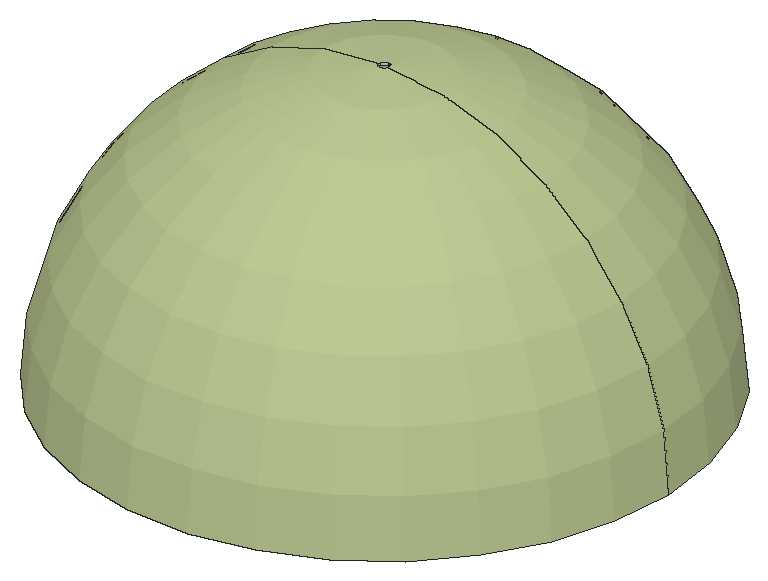
Revit family "HD30 SHADE", category Lighting Fixtures, Revit 2024
Family settings
  Round Connector Dimension = Use Diameter
  Part Type = Normal
  OmniClass Number = 23.80.70.00
  OmniClass Title = Lighting
  Work Plane-Based = No
  Always vertical = Yes
  Cut with Voids When Loaded = No
  Light Source = Yes
  Maintain Annotation Orientation = No
  Shared = No
  Room Calculation Point = No
Parameters
  Wattage = 12.1178 W
  built-in parameter 1150110 = 1 (stored number, unit not read)
  built-in parameter 1114217 = 1 (stored number, unit not read)
  built-in parameter 1150109 = 1 (stored number, unit not read)
  built-in parameter 1150134 = (empty or 0)
  built-in parameter 1150113 = 1 (stored number, unit not read)
  Lumens = 1800 lm
  built-in parameter 1150115 = 1 (stored number, unit not read)
  built-in parameter 1150105 = 572.96 (stored number, unit not read)
  Light Source Symbol Size = 2' - 0"
  built-in parameter 1150137 = (empty or 0)
  built-in parameter 1150139 = (empty or 0)
  built-in parameter 1150112 = 1 (stored number, unit not read)
  built-in parameter 1150114 = 1 (stored number, unit not read)
  built-in parameter 1150132 = 2
  built-in parameter 1150102 = (empty or 0)
  built-in parameter 1150138 = (empty or 0)
  built-in parameter 1150107 = 3000 (stored number, unit not read)
  built-in parameter 1150106 = 5.7296 (stored number, unit not read)
  built-in parameter 1150104 = 13.8 (stored number, unit not read)
  Dimming Lamp Color Temperature Shift = (empty or 0)
  Default Elevation = 0' - 0"
  Color Filter = 16777215
  built-in parameter 1114218 = 1 (stored number, unit not read)
  built-in parameter 1150133 = 10 (stored number, unit not read)
Reference planes (in)
  plane 1 "Light Source Axis (F/B)": y = 0
  plane 2: z = 0
  plane 3 "Light Source Axis (L/R)": x = 0
  plane 4 "Light Source Elevation": z = 54
Forms (in)
  Revolve 1, solid
    sketch origin (0, 0, 0) x (1, 0, 0) y (0, 0, 1)
      loop
        arc (-0.25, 68.99792) -> (-10.69462, 64.51784) -> (-15, 54) r 15
        line (-15, 54) -> (-14.90625, 54)
        arc (-14.90625, 54) -> (-10.62833, 64.45155) -> (-0.25, 68.90415) r 14.90625
        line (-0.25, 68.90415) -> (-0.25, 68.99792)
      axis (0, 68.99792) -> (0, 54)
    angle from 0 to 360
Dimensions and locks (in)
  aligned and locked: plane 3 "Light Source Axis (L/R)" to imposter light
  aligned and locked: plane 1 "Light Source Axis (F/B)" to imposter light
  aligned and locked: plane 4 "Light Source Elevation" to imposter light
  aligned and locked: level to plane 2
